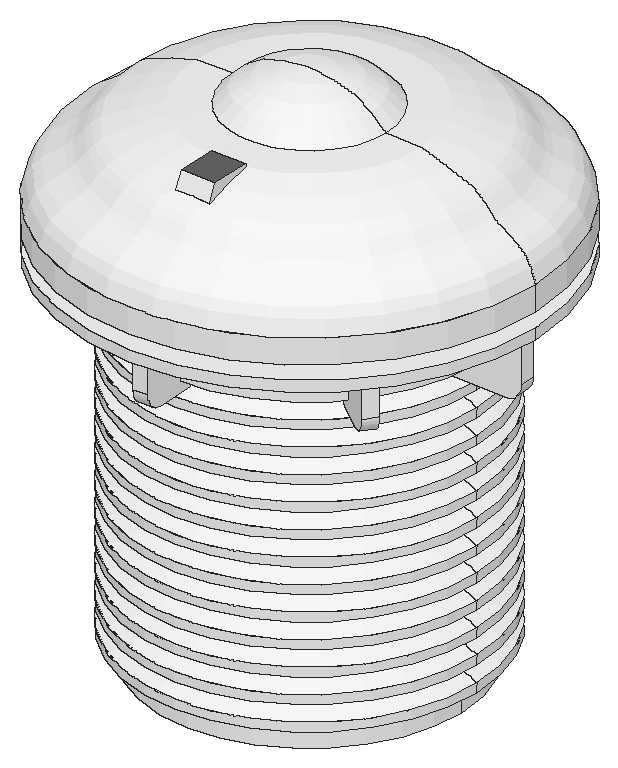
Revit family "NX_Low_Mount_Indoor_Sensor_Module", category Communication Devices, host Face, Revit 2021
Family settings
  Host = Face
  Maintain Annotation Orientation = No
  Round Connector Dimension = Use Diameter
  Part Type = Normal
  OmniClass Number = 23.85.80.11.27
  OmniClass Title = Lighting Controls
  Cut with Voids When Loaded = No
  Shared = Yes
  Room Calculation Point = No
Parameters
  Width = 1.60"
  Warranty = "5-Years Warranty"  # constant formula
  Type Comments = "Low Mount Indoor Sensor Module"  # constant formula
  Timer Timeout = "Automatic mode: 1 sec – 20 min"
  Technology = "Passive Infrared"
  Standby Power = "120VAC: 0.1,277VAC: 0.1,347VAC: 0.2"
  Sensor Type = "Low Mount Indoor"
  Product Page URL = "\\"
  Product Documentation Link = ""
  URL = "https://www.currentlighting.com/nxlightingcontrols"
  Mounting = "Mounts in 1.2” diameter aperture, secured by supplied nut on threaded body\r\nRecommended max mounting height: 14 ft. [4.27 m], min 8’"
  Model = "Low Mount Indoor Sensor Module"  # constant formula
  Manufacturer = " NX Lighting Controls"  # constant formula
  Features = "•Compact, discrete, low profile luminaire sensor •\r\nPIR motion sensor for automatic On/Off control\r\n•Integrated daylight sensor for daylight harvesting and/or lumen maintenance\r\n•\r\nBluetooth radio provides wireless control of luminaire\r\n•\r\nEasy sensor configuration using smart device App\r\n•Enables Intelliscope™ feature when paired with NX Bluetooth mobile App, providing real time visibility of motion for improved accuracy of sensor sensitivity and time delay adjustments\r\n•Non-volatile memory for sensor settings\r\n•\r\nSimple plug-in connection to NX Fixture Modules"  # constant formula
  Coverage = "1:1 (mounting height : coverage radius) up to 14’, min 8’"
  Certifications = "Bluetooth® Version 4.1,FCC Part 15.247,FCC ID: YH9NXSMP,IC: 9044A-NXSMP"  # constant formula
  Black = Paint -  Carbon Black
  White = Paint -  Matte White
  Description = "The  Control Solutions NXSMP Low Mount Sensor Indoor Module provides a unique solution for integrating automatic control functions directly into a luminaire."  # constant formula
  Default Elevation = 48.00"
  Copyright = "Copyright © NX Lighting Controls"  # constant formula
  Contact Us = ""
  Assembly Code = "D5090"
Reference planes (in)
  plane 1 "Center (Front/Back)": y = 13.01342
  plane 2: z = 0
  plane 3 "Center (Left/Right)": x = 0
  plane 4: z = 1.3
  plane 5: x = 0.8
  plane 6: x = -0.8
  plane 7: x = 0.6
  plane 8: x = -0.6
  plane 9: z = 1.9
Forms (in)
  Revolve 1, solid, material "Paint -  Matte White" <- "White"
    sketch origin (0, 13.01342, 0) x (1, 0, 0) y (0, 0, 1)
      loop
        line (0, 1.9) -> (0, 0)
        spline (0, 0) -> (0.06578, 0.00012) -> (0.12719, 0.00049) -> (0.18444, 0.00114) -> (0.23771, 0.00211) -> (0.28721, 0.00342) -> (0.33312, 0.00511) -> (0.37564, 0.00719) -> (0.41496, 0.00971) -> (0.45128, 0.01268) -> (0.48479, 0.01615) -> (0.51569, 0.02014) -> (0.54416, 0.02467)
        line (0.54416, 0.02467) -> (0.54416, 0.08263) -> (0.6, 0.10866) -> (0.6, 0.13966) -> (0.53889, 0.16816) -> (0.6, 0.19665) -> (0.6, 0.22765) -> (0.53889, 0.25615) -> (0.6, 0.28464) -> (0.6, 0.31564) -> (0.53889, 0.34413) -> (0.6, 0.37263) -> (0.6, 0.40363) -> (0.53889, 0.43212) -> (0.6, 0.46062) -> (0.6, 0.49162) -> (0.53889, 0.52011) -> (0.6, 0.54861) -> (0.6, 0.57961) -> (0.53889, 0.6081) -> (0.6, 0.6366) -> (0.6, 0.6676) -> (0.53889, 0.69609) -> (0.6, 0.72458) -> (0.6, 0.75558) -> (0.53889, 0.78408) -> (0.6, 0.81257) -> (0.6, 0.84357) -> (0.53889, 0.87207) -> (0.6, 0.90056) -> (0.6, 0.93156) -> (0.53889, 0.96006) -> (0.6, 0.98855) -> (0.6, 1.01955) -> (0.53889, 1.04804) -> (0.6, 1.07654) -> (0.6, 1.10754) -> (0.53889, 1.13603) -> (0.6, 1.16453) -> (0.6, 1.19553) -> (0.53889, 1.22402) -> (0.6, 1.25252) -> (0.6, 1.28352) -> (0.53889, 1.31201) -> (0.80781, 1.31201) -> (0.80781, 1.48634)
        spline (0.80781, 1.48634) -> (0.78398, 1.55102) -> (0.74923, 1.5879) -> (0.70613, 1.61547) -> (0.67219, 1.63915) -> (0.64585, 1.66554) -> (0.62107, 1.69308) -> (0.59292, 1.71598) -> (0.56047, 1.73342) -> (0.51873, 1.74897) -> (0.46004, 1.76803) -> (0.37918, 1.78545) -> (0.27339, 1.78544)
        spline (0.27339, 1.78544) -> (0.25813, 1.80274) -> (0.24151, 1.81862) -> (0.22351, 1.83309) -> (0.20415, 1.84616) -> (0.18342, 1.85782) -> (0.16132, 1.86807) -> (0.13786, 1.87691) -> (0.11302, 1.88435) -> (0.08682, 1.89037) -> (0.05925, 1.89499) -> (0.03031, 1.8982) -> (0, 1.9)
      axis (0, 1.9) -> (0, 0)
    angle from 0 to 360
  Extrusion 2, void
    sketch origin (0, 0, 0) x (1, 0, 0) y (0, 1, 0)
      loop
        circle (0, 13.01342) r 0.9
      loop
        circle (0, 13.01342) r 0.64901
    from 1.4 to 1.35
  Extrusion 3, solid, material "Paint -  Matte White" <- "White"
    sketch origin (0, 13.01342, -0.1587) x (1, 0, 0) y (0, 0, 1)
      loop
        line (0.54058, 1.4781) -> (0.54058, 1.28365) -> (0.73833, 1.28365)
        arc (0.73833, 1.28365) -> (0.78194, 1.30172) -> (0.8, 1.34532) r 0.06167
        line (0.8, 1.34532) -> (0.8, 1.4781) -> (0.54058, 1.4781)
    from 0.05 to 0
  Extrusion 4, solid, material "Paint -  Matte White" <- "White"
    sketch origin (0, 13.01342, -0.1587) x (0.806364, -0.591419, 0) y (0, 0, 1)
      loop
        line (0.54058, 1.4781) -> (0.54058, 1.28365) -> (0.68833, 1.28365)
        arc (0.68833, 1.28365) -> (0.73194, 1.30172) -> (0.75, 1.34532) r 0.06167
        line (0.75, 1.34532) -> (0.75, 1.4781) -> (0.54058, 1.4781)
    from 0.05 to 0
  Extrusion 5, solid, material "Paint -  Matte White" <- "White"
    sketch origin (0, 13.01342, -0.1587) x (0.028208, -0.999602, 0) y (0, 0, 1)
      loop
        line (0.54058, 1.4781) -> (0.54058, 1.28365) -> (0.68833, 1.28365)
        arc (0.68833, 1.28365) -> (0.73194, 1.30172) -> (0.75, 1.34532) r 0.06167
        line (0.75, 1.34532) -> (0.75, 1.4781) -> (0.54058, 1.4781)
    from 0.05 to 0
  Extrusion 6, solid, material "Paint -  Matte White" <- "White"
    sketch origin (0, 13.01342, -0.1587) x (-1, 0, 0) y (0, 0, -1)
      loop
        line (0.54058, -1.4781) -> (0.8, -1.4781) -> (0.8, -1.34532)
        arc (0.8, -1.34532) -> (0.78194, -1.30172) -> (0.73833, -1.28365) r 0.06167
        line (0.73833, -1.28365) -> (0.54058, -1.28365) -> (0.54058, -1.4781)
    from 0.05 to 0
  Extrusion 7, solid, material "Paint -  Matte White" <- "White"
    sketch origin (0, 13.01342, -0.1587) x (-0.806364, -0.591419, 0) y (0, 0, -1)
      loop
        line (0.54058, -1.4781) -> (0.75, -1.4781) -> (0.75, -1.34532)
        arc (0.75, -1.34532) -> (0.73194, -1.30172) -> (0.68833, -1.28365) r 0.06167
        line (0.68833, -1.28365) -> (0.54058, -1.28365) -> (0.54058, -1.4781)
    from 0.05 to 0
  Extrusion 8, solid, material "Paint -  Matte White" <- "White"
    sketch origin (0, 13.01342, -0.1587) x (0.806364, 0.591419, 0) y (0, 0, -1)
      loop
        line (0.54058, -1.4781) -> (0.75, -1.4781) -> (0.75, -1.34532)
        arc (0.75, -1.34532) -> (0.73194, -1.30172) -> (0.68833, -1.28365) r 0.06167
        line (0.68833, -1.28365) -> (0.54058, -1.28365) -> (0.54058, -1.4781)
    from 0.05 to 0
  Extrusion 9, solid, material "Paint -  Matte White" <- "White"
    sketch origin (0, 13.01342, -0.1587) x (0.028208, 0.999602, 0) y (0, 0, -1)
      loop
        line (0.54058, -1.4781) -> (0.75, -1.4781) -> (0.75, -1.34532)
        arc (0.75, -1.34532) -> (0.73194, -1.30172) -> (0.68833, -1.28365) r 0.06167
        line (0.68833, -1.28365) -> (0.54058, -1.28365) -> (0.54058, -1.4781)
    from 0.05 to 0
  Extrusion 10, solid, material "Paint -  Matte White" <- "White"
    sketch origin (0, 13.01342, -0.1587) x (-0.806364, 0.591419, 0) y (0, 0, 1)
      loop
        line (0.54058, 1.4781) -> (0.54058, 1.28365) -> (0.68833, 1.28365)
        arc (0.68833, 1.28365) -> (0.73194, 1.30172) -> (0.75, 1.34532) r 0.06167
        line (0.75, 1.34532) -> (0.75, 1.4781) -> (0.54058, 1.4781)
    from 0.05 to 0
  Blend 11, solid, material "Paint -  Matte White" <- "White"
    base sketch origin (0, 0, 0) x (1, 0, 0) y (0, 1, 0)
      loop
        line (-0.03496, 12.44825) -> (0.08513, 12.44825) -> (0.08513, 12.62267) -> (-0.03496, 12.62267) -> (-0.03496, 12.44825)
    top sketch origin (0, 0, 0) x (1, 0, 0) y (0, 1, 0)
      loop
        line (0.08513, 12.62267) -> (-0.03496, 12.62267) -> (-0.03496, 12.48598) -> (0.08513, 12.48598) -> (0.08513, 12.62267)
    from 1.70527 to 1.79
Cuts and joins
  Extrusion 2 cuts Revolve 1
  joined: Revolve 1, Blend 11
Dimensions and locks (in)
  plane 9 to plane 4 to plane 2 = 0.60", 1.30"
  plane 9 to plane 4 = 0.60"
  equal spacing: plane 5, plane 3 "Center (Left/Right)", plane 6
  "Width": plane 5 to plane 6
  aligned and locked: plane 2 to host face
  aligned and locked: level to host face
Automatic sketch dimensions
  host sketch curve to host sketch curve = 96.00"  (x2)
  Revolve 1 sketch curve to plane 3 "Center (Left/Right)" = 0.00"  (x2)
  Revolve 1 sketch curve to plane 7 = 0.00"  (x14)
  Revolve 1 sketch curve to level = 0.00"
  Revolve 1 sketch curve to plane 9 = 0.00"
  plane 9 to Revolve 1 sketch curve = 0.11456"
  plane 3 "Center (Left/Right)" to Revolve 1 sketch curve = 0.27339"
  Revolve 1 sketch curve to plane 7 = 0.06111"  (x14)
  Revolve 1 sketch curve to plane 4 = 0.01201"
  Revolve 1 sketch curve to plane 7 = 0.05584"
  plane 5 to Revolve 1 sketch curve = 0.00781"
  level to Revolve 1 sketch curve = 0.02467"
  Revolve 1 sketch curve to Revolve 1 sketch curve = 0.05795"
  Revolve 1 sketch curve to Revolve 1 sketch curve = 0.02604"
  Revolve 1 sketch curve to Revolve 1 sketch curve = 0.031"  (x13)
  Revolve 1 sketch curve to Revolve 1 sketch curve = 0.02849"  (x13)
  Revolve 1 sketch curve to Revolve 1 sketch curve = 0.05699"  (x12)
  plane 4 to Revolve 1 sketch curve = 0.04748"
  plane 4 to Revolve 1 sketch curve = 0.01648"
  Revolve 1 sketch curve to Revolve 1 sketch curve = 0.17432"
  Revolve 1 sketch curve to level = 24.00"
  Revolve 1 sketch curve to Revolve 1 sketch curve = 53.62668"
  Extrusion 2 sketch curve to Extrusion 2 sketch curve = 0.00"  (x2)
  plane 1 "Center (Front/Back)" to Extrusion 2 sketch curve = 0.00"
  Extrusion 2 sketch curve to plane 3 "Center (Left/Right)" = 0.00"
  Extrusion 3 sketch curve to plane 5 = 0.00"
  plane 4 to Extrusion 3 sketch curve = 0.17505"
  Extrusion 3 sketch curve to plane 5 = 0.06167"
  Extrusion 3 sketch curve to plane 7 = 0.05942"
  Extrusion 3 sketch curve to Extrusion 3 sketch curve = 0.13277"
  Extrusion 4 sketch curve to plane 4 = 0.0194"
  plane 4 to Extrusion 4 sketch curve = 0.11337"
  Extrusion 4 sketch curve to Extrusion 4 sketch curve = 0.14775"
  Extrusion 4 sketch curve to Extrusion 4 sketch curve = 0.06167"
  Extrusion 5 sketch curve to plane 4 = 0.0194"
  plane 4 to Extrusion 5 sketch curve = 0.11337"
  Extrusion 5 sketch curve to Extrusion 5 sketch curve = 0.14775"
  Extrusion 5 sketch curve to Extrusion 5 sketch curve = 0.06167"
  Extrusion 6 sketch curve to plane 6 = 0.00"
  Extrusion 6 sketch curve to plane 4 = 0.17505"
  Extrusion 6 sketch curve to plane 6 = 0.06167"
  Extrusion 6 sketch curve to plane 8 = 0.05942"
  Extrusion 6 sketch curve to Extrusion 6 sketch curve = 0.13277"
  Extrusion 7 sketch curve to plane 4 = 0.0194"
  plane 4 to Extrusion 7 sketch curve = 0.11337"
  Extrusion 7 sketch curve to Extrusion 7 sketch curve = 0.14775"
  Extrusion 7 sketch curve to Extrusion 7 sketch curve = 0.06167"
  Extrusion 8 sketch curve to plane 4 = 0.0194"
  plane 4 to Extrusion 8 sketch curve = 0.11337"
  Extrusion 8 sketch curve to Extrusion 8 sketch curve = 0.14775"
  Extrusion 8 sketch curve to Extrusion 8 sketch curve = 0.06167"
  Extrusion 9 sketch curve to plane 4 = 0.0194"
  plane 4 to Extrusion 9 sketch curve = 0.11337"
  Extrusion 9 sketch curve to Extrusion 9 sketch curve = 0.14775"
  Extrusion 9 sketch curve to Extrusion 9 sketch curve = 0.06167"
  Extrusion 10 sketch curve to plane 4 = 0.0194"
  plane 4 to Extrusion 10 sketch curve = 0.11337"
  Extrusion 10 sketch curve to Extrusion 10 sketch curve = 0.14775"
  Extrusion 10 sketch curve to Extrusion 10 sketch curve = 0.06167"
  Blend 11 sketch curve to plane 3 "Center (Left/Right)" = 0.03496"  (x2)
  plane 3 "Center (Left/Right)" to Blend 11 sketch curve = 0.08513"  (x2)
  plane 1 "Center (Front/Back)" to Blend 11 sketch curve = 0.56516"
  Blend 11 sketch curve to Blend 11 sketch curve = 0.17442"
  plane 1 "Center (Front/Back)" to Blend 11 sketch curve = 0.52744"
  Blend 11 sketch curve to Blend 11 sketch curve = 0.13669"
  radius of Extrusion 2 sketch curve = 0.90"
  radius of Extrusion 2 sketch curve = 0.64901"
